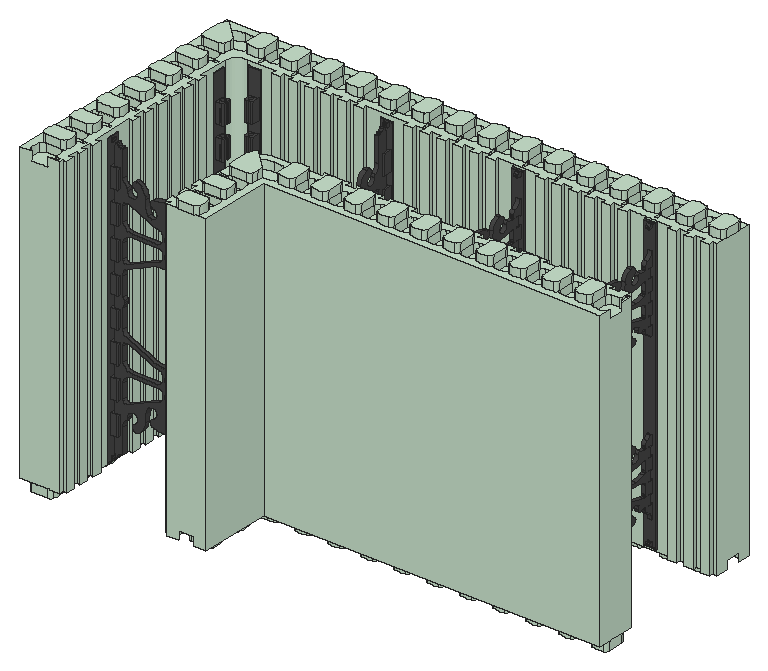
Revit family (continued)
Definition of nested family "NUDURA Diamond Pattern Missing Two lines"
  Lines and regions (mm)
    model lines
      curve 16: line (96.953, -142.875, 452.165) -> (87.428, -142.875, 442.64)
      curve 17: arc (93.906, -142.875, 415.508) -> (95.394, -142.875, 419.1) -> (93.906, -142.875, 422.692) r 5.08
      curve 18: line (117.704, -142.875, 406.785) -> (108.981, -142.875, 415.508)
      curve 19: arc (117.704, -142.875, 393.315) -> (120.494, -142.875, 400.05) -> (117.704, -142.875, 406.785) r 9.525
      curve 20: line (108.981, -142.875, 384.592) -> (117.704, -142.875, 393.315)
      curve 21: line (85.183, -142.875, 393.315) -> (93.906, -142.875, 384.592)
      curve 22: arc (85.183, -142.875, 406.785) -> (82.394, -142.875, 400.05) -> (85.183, -142.875, 393.315) r 9.525
      curve 23: line (93.906, -142.875, 415.508) -> (85.183, -142.875, 406.785)
      curve 24: arc (105.934, -142.875, 414.065) -> (101.444, -142.875, 415.925) -> (96.953, -142.875, 414.065) r 6.35
      curve 25: line (96.953, -142.875, 414.065) -> (87.428, -142.875, 404.54)
      curve 26: arc (87.428, -142.875, 404.54) -> (85.569, -142.875, 400.05) -> (87.428, -142.875, 395.56) r 6.35
      curve 27: line (87.428, -142.875, 395.56) -> (96.953, -142.875, 386.035)
      curve 28: arc (96.953, -142.875, 386.035) -> (101.444, -142.875, 384.175) -> (105.934, -142.875, 386.035) r 6.35
      curve 29: line (105.934, -142.875, 386.035) -> (115.459, -142.875, 395.56)
      curve 30: arc (115.459, -142.875, 395.56) -> (117.319, -142.875, 400.05) -> (115.459, -142.875, 404.54) r 6.35
      curve 31: line (115.459, -142.875, 404.54) -> (105.934, -142.875, 414.065)
      curve 32: arc (93.906, -142.875, 377.408) -> (95.394, -142.875, 381) -> (93.906, -142.875, 384.592) r 5.08
      curve 33: line (117.704, -142.875, 368.685) -> (108.981, -142.875, 377.408)
      curve 34: arc (117.704, -142.875, 355.215) -> (120.494, -142.875, 361.95) -> (117.704, -142.875, 368.685) r 9.525
      curve 35: line (108.981, -142.875, 346.492) -> (117.704, -142.875, 355.215)
      curve 36: line (85.183, -142.875, 355.215) -> (93.906, -142.875, 346.492)
      curve 37: arc (85.183, -142.875, 368.685) -> (82.394, -142.875, 361.95) -> (85.183, -142.875, 355.215) r 9.525
      curve 38: line (93.906, -142.875, 377.408) -> (85.183, -142.875, 368.685)
      curve 39: arc (105.934, -142.875, 375.965) -> (101.444, -142.875, 377.825) -> (96.953, -142.875, 375.965) r 6.35
      curve 40: line (96.953, -142.875, 375.965) -> (87.428, -142.875, 366.44)
      curve 41: arc (87.428, -142.875, 366.44) -> (85.569, -142.875, 361.95) -> (87.428, -142.875, 357.46) r 6.35
      curve 42: line (87.428, -142.875, 357.46) -> (96.953, -142.875, 347.935)
      curve 43: arc (96.953, -142.875, 347.935) -> (101.444, -142.875, 346.075) -> (105.934, -142.875, 347.935) r 6.35
      curve 44: line (105.934, -142.875, 347.935) -> (115.459, -142.875, 357.46)
      curve 45: arc (115.459, -142.875, 357.46) -> (117.319, -142.875, 361.95) -> (115.459, -142.875, 366.44) r 6.35
      curve 46: line (115.459, -142.875, 366.44) -> (105.934, -142.875, 375.965)
      curve 47: arc (93.906, -142.875, 339.308) -> (95.394, -142.875, 342.9) -> (93.906, -142.875, 346.492) r 5.08
      curve 48: line (117.704, -142.875, 330.585) -> (108.981, -142.875, 339.308)
      curve 49: arc (117.704, -142.875, 317.115) -> (120.494, -142.875, 323.85) -> (117.704, -142.875, 330.585) r 9.525
      curve 50: line (108.981, -142.875, 308.392) -> (117.704, -142.875, 317.115)
      curve 51: line (85.183, -142.875, 317.115) -> (93.906, -142.875, 308.392)
      curve 52: arc (85.183, -142.875, 330.585) -> (82.394, -142.875, 323.85) -> (85.183, -142.875, 317.115) r 9.525
      curve 53: line (93.906, -142.875, 339.308) -> (85.183, -142.875, 330.585)
      curve 54: arc (105.934, -142.875, 337.865) -> (101.444, -142.875, 339.725) -> (96.953, -142.875, 337.865) r 6.35
      curve 55: line (96.953, -142.875, 337.865) -> (87.428, -142.875, 328.34)
      curve 56: arc (87.428, -142.875, 328.34) -> (85.569, -142.875, 323.85) -> (87.428, -142.875, 319.36) r 6.35
      curve 57: line (87.428, -142.875, 319.36) -> (96.953, -142.875, 309.835)
      curve 58: arc (96.953, -142.875, 309.835) -> (101.444, -142.875, 307.975) -> (105.934, -142.875, 309.835) r 6.35
      curve 59: line (105.934, -142.875, 309.835) -> (115.459, -142.875, 319.36)
      curve 60: arc (115.459, -142.875, 319.36) -> (117.319, -142.875, 323.85) -> (115.459, -142.875, 328.34) r 6.35
      curve 61: line (115.459, -142.875, 328.34) -> (105.934, -142.875, 337.865)
      curve 62: arc (93.906, -142.875, 301.208) -> (95.394, -142.875, 304.8) -> (93.906, -142.875, 308.392) r 5.08
      curve 63: line (117.704, -142.875, 292.485) -> (108.981, -142.875, 301.208)
      curve 64: arc (117.704, -142.875, 279.015) -> (120.494, -142.875, 285.75) -> (117.704, -142.875, 292.485) r 9.525
      curve 65: line (108.981, -142.875, 270.292) -> (117.704, -142.875, 279.015)
      curve 66: line (85.183, -142.875, 279.015) -> (93.906, -142.875, 270.292)
      curve 67: arc (85.183, -142.875, 292.485) -> (82.394, -142.875, 285.75) -> (85.183, -142.875, 279.015) r 9.525
      curve 68: line (93.906, -142.875, 301.208) -> (85.183, -142.875, 292.485)
      curve 69: arc (105.934, -142.875, 299.765) -> (101.444, -142.875, 301.625) -> (96.953, -142.875, 299.765) r 6.35
      curve 70: line (96.953, -142.875, 299.765) -> (87.428, -142.875, 290.24)
      curve 71: arc (87.428, -142.875, 290.24) -> (85.569, -142.875, 285.75) -> (87.428, -142.875, 281.26) r 6.35
      curve 72: line (87.428, -142.875, 281.26) -> (96.953, -142.875, 271.735)
      curve 73: arc (96.953, -142.875, 271.735) -> (101.444, -142.875, 269.875) -> (105.934, -142.875, 271.735) r 6.35
      curve 74: line (105.934, -142.875, 271.735) -> (115.459, -142.875, 281.26)
      curve 75: arc (115.459, -142.875, 281.26) -> (117.319, -142.875, 285.75) -> (115.459, -142.875, 290.24) r 6.35
      curve 76: line (115.459, -142.875, 290.24) -> (105.934, -142.875, 299.765)
      curve 77: arc (93.906, -142.875, 263.108) -> (95.394, -142.875, 266.7) -> (93.906, -142.875, 270.292) r 5.08
      curve 78: line (117.704, -142.875, 254.385) -> (108.981, -142.875, 263.108)
      curve 79: arc (117.704, -142.875, 240.915) -> (120.494, -142.875, 247.65) -> (117.704, -142.875, 254.385) r 9.525
      curve 80: line (108.981, -142.875, 232.192) -> (117.704, -142.875, 240.915)
      curve 81: line (85.183, -142.875, 240.915) -> (93.906, -142.875, 232.192)
      curve 82: arc (85.183, -142.875, 254.385) -> (82.394, -142.875, 247.65) -> (85.183, -142.875, 240.915) r 9.525
      curve 83: line (93.906, -142.875, 263.108) -> (85.183, -142.875, 254.385)
      curve 84: arc (105.934, -142.875, 261.665) -> (101.444, -142.875, 263.525) -> (96.953, -142.875, 261.665) r 6.35
      curve 85: line (96.953, -142.875, 261.665) -> (87.428, -142.875, 252.14)
      curve 86: arc (87.428, -142.875, 252.14) -> (85.569, -142.875, 247.65) -> (87.428, -142.875, 243.16) r 6.35
      curve 87: line (87.428, -142.875, 243.16) -> (96.953, -142.875, 233.635)
      curve 88: arc (96.953, -142.875, 233.635) -> (101.444, -142.875, 231.775) -> (105.934, -142.875, 233.635) r 6.35
      curve 89: line (105.934, -142.875, 233.635) -> (115.459, -142.875, 243.16)
      curve 90: arc (115.459, -142.875, 243.16) -> (117.319, -142.875, 247.65) -> (115.459, -142.875, 252.14) r 6.35
      curve 91: line (115.459, -142.875, 252.14) -> (105.934, -142.875, 261.665)
      curve 92: arc (93.906, -142.875, 225.008) -> (95.394, -142.875, 228.6) -> (93.906, -142.875, 232.192) r 5.08
      curve 93: line (117.704, -142.875, 216.285) -> (108.981, -142.875, 225.008)
      curve 94: arc (117.704, -142.875, 202.815) -> (120.494, -142.875, 209.55) -> (117.704, -142.875, 216.285) r 9.525
      curve 95: line (108.981, -142.875, 194.092) -> (117.704, -142.875, 202.815)
      curve 96: line (85.183, -142.875, 202.815) -> (93.906, -142.875, 194.092)
      curve 97: arc (85.183, -142.875, 216.285) -> (82.394, -142.875, 209.55) -> (85.183, -142.875, 202.815) r 9.525
      curve 98: line (93.906, -142.875, 225.008) -> (85.183, -142.875, 216.285)
      curve 99: arc (105.934, -142.875, 223.565) -> (101.444, -142.875, 225.425) -> (96.953, -142.875, 223.565) r 6.35
      curve 100: line (96.953, -142.875, 223.565) -> (87.428, -142.875, 214.04)
      curve 101: arc (87.428, -142.875, 214.04) -> (85.569, -142.875, 209.55) -> (87.428, -142.875, 205.06) r 6.35
      curve 102: line (87.428, -142.875, 205.06) -> (96.953, -142.875, 195.535)
      curve 103: arc (96.953, -142.875, 195.535) -> (101.444, -142.875, 193.675) -> (105.934, -142.875, 195.535) r 6.35
      curve 104: line (105.934, -142.875, 195.535) -> (115.459, -142.875, 205.06)
      curve 105: arc (115.459, -142.875, 205.06) -> (117.319, -142.875, 209.55) -> (115.459, -142.875, 214.04) r 6.35
      curve 106: line (115.459, -142.875, 214.04) -> (105.934, -142.875, 223.565)
      curve 107: arc (93.906, -142.875, 186.908) -> (95.394, -142.875, 190.5) -> (93.906, -142.875, 194.092) r 5.08
      curve 108: line (117.704, -142.875, 178.185) -> (108.981, -142.875, 186.908)
      curve 109: arc (117.704, -142.875, 164.715) -> (120.494, -142.875, 171.45) -> (117.704, -142.875, 178.185) r 9.525
      curve 110: line (108.981, -142.875, 155.992) -> (117.704, -142.875, 164.715)
      curve 111: line (85.183, -142.875, 164.715) -> (93.906, -142.875, 155.992)
      curve 112: arc (85.183, -142.875, 178.185) -> (82.394, -142.875, 171.45) -> (85.183, -142.875, 164.715) r 9.525
      curve 113: line (93.906, -142.875, 186.908) -> (85.183, -142.875, 178.185)
      curve 114: arc (105.934, -142.875, 185.465) -> (101.444, -142.875, 187.325) -> (96.953, -142.875, 185.465) r 6.35
      curve 115: line (96.953, -142.875, 185.465) -> (87.428, -142.875, 175.94)
      curve 116: arc (87.428, -142.875, 175.94) -> (85.569, -142.875, 171.45) -> (87.428, -142.875, 166.96) r 6.35
      curve 117: line (87.428, -142.875, 166.96) -> (96.953, -142.875, 157.435)
      curve 118: arc (96.953, -142.875, 157.435) -> (101.444, -142.875, 155.575) -> (105.934, -142.875, 157.435) r 6.35
      curve 119: line (105.934, -142.875, 157.435) -> (115.459, -142.875, 166.96)
      curve 120: arc (115.459, -142.875, 166.96) -> (117.319, -142.875, 171.45) -> (115.459, -142.875, 175.94) r 6.35
      curve 121: line (115.459, -142.875, 175.94) -> (105.934, -142.875, 185.465)
      curve 122: arc (93.906, -142.875, 148.808) -> (95.394, -142.875, 152.4) -> (93.906, -142.875, 155.992) r 5.08
      curve 123: line (117.704, -142.875, 140.085) -> (108.981, -142.875, 148.808)
      curve 124: arc (117.704, -142.875, 126.615) -> (120.494, -142.875, 133.35) -> (117.704, -142.875, 140.085) r 9.525
      curve 125: line (108.981, -142.875, 117.892) -> (117.704, -142.875, 126.615)
      curve 126: line (85.183, -142.875, 126.615) -> (93.906, -142.875, 117.892)
      curve 127: arc (85.183, -142.875, 140.085) -> (82.394, -142.875, 133.35) -> (85.183, -142.875, 126.615) r 9.525
      curve 128: line (93.906, -142.875, 148.808) -> (85.183, -142.875, 140.085)
      curve 129: arc (105.934, -142.875, 147.365) -> (101.444, -142.875, 149.225) -> (96.953, -142.875, 147.365) r 6.35
      curve 130: line (96.953, -142.875, 147.365) -> (87.428, -142.875, 137.84)
      curve 131: arc (87.428, -142.875, 137.84) -> (85.569, -142.875, 133.35) -> (87.428, -142.875, 128.86) r 6.35
      curve 132: line (87.428, -142.875, 128.86) -> (96.953, -142.875, 119.335)
      curve 133: arc (96.953, -142.875, 119.335) -> (101.444, -142.875, 117.475) -> (105.934, -142.875, 119.335) r 6.35
      curve 134: line (105.934, -142.875, 119.335) -> (115.459, -142.875, 128.86)
      curve 135: arc (115.459, -142.875, 128.86) -> (117.319, -142.875, 133.35) -> (115.459, -142.875, 137.84) r 6.35
      curve 136: line (115.459, -142.875, 137.84) -> (105.934, -142.875, 147.365)
      curve 137: arc (93.906, -142.875, 110.708) -> (95.394, -142.875, 114.3) -> (93.906, -142.875, 117.892) r 5.08
      curve 138: line (117.704, -142.875, 101.985) -> (108.981, -142.875, 110.708)
      curve 139: arc (117.704, -142.875, 88.515) -> (120.494, -142.875, 95.25) -> (117.704, -142.875, 101.985) r 9.525
      curve 140: line (108.981, -142.875, 79.792) -> (117.704, -142.875, 88.515)
      curve 141: line (85.183, -142.875, 88.515) -> (93.906, -142.875, 79.792)
      curve 142: arc (85.183, -142.875, 101.985) -> (82.394, -142.875, 95.25) -> (85.183, -142.875, 88.515) r 9.525
      curve 143: line (93.906, -142.875, 110.708) -> (85.183, -142.875, 101.985)
      curve 144: arc (105.934, -142.875, 109.265) -> (101.444, -142.875, 111.125) -> (96.953, -142.875, 109.265) r 6.35
      curve 145: line (96.953, -142.875, 109.265) -> (87.428, -142.875, 99.74)
      curve 146: arc (87.428, -142.875, 99.74) -> (85.569, -142.875, 95.25) -> (87.428, -142.875, 90.76) r 6.35
      curve 147: line (87.428, -142.875, 90.76) -> (96.953, -142.875, 81.235)
      curve 148: arc (96.953, -142.875, 81.235) -> (101.444, -142.875, 79.375) -> (105.934, -142.875, 81.235) r 6.35
      curve 149: line (105.934, -142.875, 81.235) -> (115.459, -142.875, 90.76)
      curve 150: arc (115.459, -142.875, 90.76) -> (117.319, -142.875, 95.25) -> (115.459, -142.875, 99.74) r 6.35
      curve 151: line (115.459, -142.875, 99.74) -> (105.934, -142.875, 109.265)
      curve 152: arc (93.906, -142.875, 72.608) -> (95.394, -142.875, 76.2) -> (93.906, -142.875, 79.792) r 5.08
      curve 153: line (117.704, -142.875, 63.885) -> (108.981, -142.875, 72.608)
      curve 154: arc (117.704, -142.875, 50.415) -> (120.494, -142.875, 57.15) -> (117.704, -142.875, 63.885) r 9.525
      curve 155: line (108.981, -142.875, 41.692) -> (117.704, -142.875, 50.415)
      curve 156: line (85.183, -142.875, 50.415) -> (93.906, -142.875, 41.692)
      curve 157: arc (85.183, -142.875, 63.885) -> (82.394, -142.875, 57.15) -> (85.183, -142.875, 50.415) r 9.525
      curve 158: line (93.906, -142.875, 72.608) -> (85.183, -142.875, 63.885)
      curve 159: arc (105.934, -142.875, 71.165) -> (101.444, -142.875, 73.025) -> (96.953, -142.875, 71.165) r 6.35
      curve 160: line (96.953, -142.875, 71.165) -> (87.428, -142.875, 61.64)
      curve 161: arc (87.428, -142.875, 61.64) -> (85.569, -142.875, 57.15) -> (87.428, -142.875, 52.66) r 6.35
      curve 162: line (87.428, -142.875, 52.66) -> (96.953, -142.875, 43.135)
      curve 163: arc (96.953, -142.875, 43.135) -> (101.444, -142.875, 41.275) -> (105.934, -142.875, 43.135) r 6.35
      curve 164: line (105.934, -142.875, 43.135) -> (115.459, -142.875, 52.66)
      curve 165: arc (115.459, -142.875, 52.66) -> (117.319, -142.875, 57.15) -> (115.459, -142.875, 61.64) r 6.35
      curve 166: line (115.459, -142.875, 61.64) -> (105.934, -142.875, 71.165)
      curve 167: arc (93.906, -142.875, 34.508) -> (95.394, -142.875, 38.1) -> (93.906, -142.875, 41.692) r 5.08
      curve 168: line (93.906, -142.875, 34.508) -> (85.183, -142.875, 25.785)
      curve 169: arc (85.183, -142.875, 25.785) -> (82.394, -142.875, 19.05) -> (85.183, -142.875, 12.315) r 9.525
      curve 170: line (85.183, -142.875, 12.315) -> (94.708, -142.875, 2.79)
      curve 171: arc (94.708, -142.875, 2.79) -> (101.444, -142.875, 0) -> (108.179, -142.875, 2.79) r 9.525
      curve 172: line (108.179, -142.875, 2.79) -> (117.704, -142.875, 12.315)
      curve 173: arc (117.704, -142.875, 12.315) -> (120.494, -142.875, 19.05) -> (117.704, -142.875, 25.785) r 9.525
      curve 174: line (117.704, -142.875, 25.785) -> (108.981, -142.875, 34.508)
      curve 175: arc (108.981, -142.875, 41.692) -> (107.493, -142.875, 38.1) -> (108.981, -142.875, 34.508) r 5.08
      curve 176: arc (105.934, -142.875, 33.065) -> (101.444, -142.875, 34.925) -> (96.953, -142.875, 33.065) r 6.35
      curve 177: line (115.459, -142.875, 23.54) -> (105.934, -142.875, 33.065)
      curve 178: arc (115.459, -142.875, 14.56) -> (117.319, -142.875, 19.05) -> (115.459, -142.875, 23.54) r 6.35
      curve 179: line (105.934, -142.875, 5.035) -> (115.459, -142.875, 14.56)
      curve 180: arc (96.953, -142.875, 5.035) -> (101.444, -142.875, 3.175) -> (105.934, -142.875, 5.035) r 6.35
      curve 181: line (87.428, -142.875, 14.56) -> (96.953, -142.875, 5.035)
      curve 182: arc (87.428, -142.875, 23.54) -> (85.569, -142.875, 19.05) -> (87.428, -142.875, 14.56) r 6.35
      curve 183: line (96.953, -142.875, 33.065) -> (87.428, -142.875, 23.54)
      curve 184: arc (108.981, -142.875, 79.792) -> (107.493, -142.875, 76.2) -> (108.981, -142.875, 72.608) r 5.08
      curve 185: arc (108.981, -142.875, 117.892) -> (107.493, -142.875, 114.3) -> (108.981, -142.875, 110.708) r 5.08
      curve 186: arc (108.981, -142.875, 155.992) -> (107.493, -142.875, 152.4) -> (108.981, -142.875, 148.808) r 5.08
      curve 187: arc (108.981, -142.875, 194.092) -> (107.493, -142.875, 190.5) -> (108.981, -142.875, 186.908) r 5.08
      curve 188: arc (108.981, -142.875, 232.192) -> (107.493, -142.875, 228.6) -> (108.981, -142.875, 225.008) r 5.08
      curve 189: arc (108.981, -142.875, 270.292) -> (107.493, -142.875, 266.7) -> (108.981, -142.875, 263.108) r 5.08
      curve 190: arc (108.981, -142.875, 308.392) -> (107.493, -142.875, 304.8) -> (108.981, -142.875, 301.208) r 5.08
      curve 191: arc (108.981, -142.875, 346.492) -> (107.493, -142.875, 342.9) -> (108.981, -142.875, 339.308) r 5.08
      curve 192: arc (108.981, -142.875, 384.592) -> (107.493, -142.875, 381) -> (108.981, -142.875, 377.408) r 5.08
      curve 193: arc (108.981, -142.875, 422.692) -> (107.493, -142.875, 419.1) -> (108.981, -142.875, 415.508) r 5.08
Definition of nested family "NUDURA Diamond Pattern Missing Left Line"
  Reference planes
    plane 1 "Center (Front/Back)": y = 0
    plane 2: z = 0
    plane 3 "Center (Left/Right)": x = 0
    plane 4: z = 457.2
  Lines and regions (mm)
    model lines
      curve 1: line (203.2, -142.875, 457.2) -> (203.2, -142.875, 0)
      curve 2: line (152.4, -142.875, 457.2) -> (152.4, -142.875, 0)
      curve 3: line (85.183, -142.875, 431.415) -> (93.906, -142.875, 422.692)
      curve 4: arc (85.183, -142.875, 444.885) -> (82.394, -142.875, 438.15) -> (85.183, -142.875, 431.415) r 9.525
      curve 5: line (94.708, -142.875, 454.41) -> (85.183, -142.875, 444.885)
      curve 6: arc (108.179, -142.875, 454.41) -> (101.444, -142.875, 457.2) -> (94.708, -142.875, 454.41) r 9.525
      curve 7: line (117.704, -142.875, 444.885) -> (108.179, -142.875, 454.41)
      curve 8: arc (117.704, -142.875, 431.415) -> (120.494, -142.875, 438.15) -> (117.704, -142.875, 444.885) r 9.525
      curve 9: line (108.981, -142.875, 422.692) -> (117.704, -142.875, 431.415)
      curve 10: arc (105.934, -142.875, 452.165) -> (101.444, -142.875, 454.025) -> (96.953, -142.875, 452.165) r 6.35
      curve 11: line (115.459, -142.875, 442.64) -> (105.934, -142.875, 452.165)
      curve 12: arc (115.459, -142.875, 433.66) -> (117.319, -142.875, 438.15) -> (115.459, -142.875, 442.64) r 6.35
      curve 13: line (105.934, -142.875, 424.135) -> (115.459, -142.875, 433.66)
      curve 14: arc (96.953, -142.875, 424.135) -> (101.444, -142.875, 422.275) -> (105.934, -142.875, 424.135) r 6.35
      curve 15: line (87.428, -142.875, 433.66) -> (96.953, -142.875, 424.135)
      curve 16: arc (87.428, -142.875, 442.64) -> (85.569, -142.875, 438.15) -> (87.428, -142.875, 433.66) r 6.35
      curve 17: line (96.953, -142.875, 452.165) -> (87.428, -142.875, 442.64)
      curve 18: arc (93.906, -142.875, 415.508) -> (95.394, -142.875, 419.1) -> (93.906, -142.875, 422.692) r 5.08
      curve 19: line (117.704, -142.875, 406.785) -> (108.981, -142.875, 415.508)
      curve 20: arc (117.704, -142.875, 393.315) -> (120.494, -142.875, 400.05) -> (117.704, -142.875, 406.785) r 9.525
      curve 21: line (108.981, -142.875, 384.592) -> (117.704, -142.875, 393.315)
      curve 22: line (85.183, -142.875, 393.315) -> (93.906, -142.875, 384.592)
      curve 23: arc (85.183, -142.875, 406.785) -> (82.394, -142.875, 400.05) -> (85.183, -142.875, 393.315) r 9.525
      curve 24: line (93.906, -142.875, 415.508) -> (85.183, -142.875, 406.785)
      curve 25: arc (105.934, -142.875, 414.065) -> (101.444, -142.875, 415.925) -> (96.953, -142.875, 414.065) r 6.35
      curve 26: line (96.953, -142.875, 414.065) -> (87.428, -142.875, 404.54)
      curve 27: arc (87.428, -142.875, 404.54) -> (85.569, -142.875, 400.05) -> (87.428, -142.875, 395.56) r 6.35
      curve 28: line (87.428, -142.875, 395.56) -> (96.953, -142.875, 386.035)
      curve 29: arc (96.953, -142.875, 386.035) -> (101.444, -142.875, 384.175) -> (105.934, -142.875, 386.035) r 6.35
      curve 30: line (105.934, -142.875, 386.035) -> (115.459, -142.875, 395.56)
      curve 31: arc (115.459, -142.875, 395.56) -> (117.319, -142.875, 400.05) -> (115.459, -142.875, 404.54) r 6.35
      curve 32: line (115.459, -142.875, 404.54) -> (105.934, -142.875, 414.065)
      curve 33: arc (93.906, -142.875, 377.408) -> (95.394, -142.875, 381) -> (93.906, -142.875, 384.592) r 5.08
      curve 34: line (117.704, -142.875, 368.685) -> (108.981, -142.875, 377.408)
      curve 35: arc (117.704, -142.875, 355.215) -> (120.494, -142.875, 361.95) -> (117.704, -142.875, 368.685) r 9.525
      curve 36: line (108.981, -142.875, 346.492) -> (117.704, -142.875, 355.215)
      curve 37: line (85.183, -142.875, 355.215) -> (93.906, -142.875, 346.492)
      curve 38: arc (85.183, -142.875, 368.685) -> (82.394, -142.875, 361.95) -> (85.183, -142.875, 355.215) r 9.525
      curve 39: line (93.906, -142.875, 377.408) -> (85.183, -142.875, 368.685)
      curve 40: arc (105.934, -142.875, 375.965) -> (101.444, -142.875, 377.825) -> (96.953, -142.875, 375.965) r 6.35
      curve 41: line (96.953, -142.875, 375.965) -> (87.428, -142.875, 366.44)
      curve 42: arc (87.428, -142.875, 366.44) -> (85.569, -142.875, 361.95) -> (87.428, -142.875, 357.46) r 6.35
      curve 43: line (87.428, -142.875, 357.46) -> (96.953, -142.875, 347.935)
      curve 44: arc (96.953, -142.875, 347.935) -> (101.444, -142.875, 346.075) -> (105.934, -142.875, 347.935) r 6.35
      curve 45: line (105.934, -142.875, 347.935) -> (115.459, -142.875, 357.46)
      curve 46: arc (115.459, -142.875, 357.46) -> (117.319, -142.875, 361.95) -> (115.459, -142.875, 366.44) r 6.35
      curve 47: line (115.459, -142.875, 366.44) -> (105.934, -142.875, 375.965)
      curve 48: arc (93.906, -142.875, 339.308) -> (95.394, -142.875, 342.9) -> (93.906, -142.875, 346.492) r 5.08
      curve 49: line (117.704, -142.875, 330.585) -> (108.981, -142.875, 339.308)
      curve 50: arc (117.704, -142.875, 317.115) -> (120.494, -142.875, 323.85) -> (117.704, -142.875, 330.585) r 9.525
      curve 51: line (108.981, -142.875, 308.392) -> (117.704, -142.875, 317.115)
      curve 52: line (85.183, -142.875, 317.115) -> (93.906, -142.875, 308.392)
      curve 53: arc (85.183, -142.875, 330.585) -> (82.394, -142.875, 323.85) -> (85.183, -142.875, 317.115) r 9.525
      curve 54: line (93.906, -142.875, 339.308) -> (85.183, -142.875, 330.585)
      curve 55: arc (105.934, -142.875, 337.865) -> (101.444, -142.875, 339.725) -> (96.953, -142.875, 337.865) r 6.35
      curve 56: line (96.953, -142.875, 337.865) -> (87.428, -142.875, 328.34)
      curve 57: arc (87.428, -142.875, 328.34) -> (85.569, -142.875, 323.85) -> (87.428, -142.875, 319.36) r 6.35
      curve 58: line (87.428, -142.875, 319.36) -> (96.953, -142.875, 309.835)
      curve 59: arc (96.953, -142.875, 309.835) -> (101.444, -142.875, 307.975) -> (105.934, -142.875, 309.835) r 6.35
      curve 60: line (105.934, -142.875, 309.835) -> (115.459, -142.875, 319.36)
      curve 61: arc (115.459, -142.875, 319.36) -> (117.319, -142.875, 323.85) -> (115.459, -142.875, 328.34) r 6.35
      curve 62: line (115.459, -142.875, 328.34) -> (105.934, -142.875, 337.865)
      curve 63: arc (93.906, -142.875, 301.208) -> (95.394, -142.875, 304.8) -> (93.906, -142.875, 308.392) r 5.08
      curve 64: line (117.704, -142.875, 292.485) -> (108.981, -142.875, 301.208)
      curve 65: arc (117.704, -142.875, 279.015) -> (120.494, -142.875, 285.75) -> (117.704, -142.875, 292.485) r 9.525
      curve 66: line (108.981, -142.875, 270.292) -> (117.704, -142.875, 279.015)
      curve 67: line (85.183, -142.875, 279.015) -> (93.906, -142.875, 270.292)
      curve 68: arc (85.183, -142.875, 292.485) -> (82.394, -142.875, 285.75) -> (85.183, -142.875, 279.015) r 9.525
      curve 69: line (93.906, -142.875, 301.208) -> (85.183, -142.875, 292.485)
      curve 70: arc (105.934, -142.875, 299.765) -> (101.444, -142.875, 301.625) -> (96.953, -142.875, 299.765) r 6.35
      curve 71: line (96.953, -142.875, 299.765) -> (87.428, -142.875, 290.24)
      curve 72: arc (87.428, -142.875, 290.24) -> (85.569, -142.875, 285.75) -> (87.428, -142.875, 281.26) r 6.35
      curve 73: line (87.428, -142.875, 281.26) -> (96.953, -142.875, 271.735)
      curve 74: arc (96.953, -142.875, 271.735) -> (101.444, -142.875, 269.875) -> (105.934, -142.875, 271.735) r 6.35
      curve 75: line (105.934, -142.875, 271.735) -> (115.459, -142.875, 281.26)
      curve 76: arc (115.459, -142.875, 281.26) -> (117.319, -142.875, 285.75) -> (115.459, -142.875, 290.24) r 6.35
      curve 77: line (115.459, -142.875, 290.24) -> (105.934, -142.875, 299.765)
      curve 78: arc (93.906, -142.875, 263.108) -> (95.394, -142.875, 266.7) -> (93.906, -142.875, 270.292) r 5.08
      curve 79: line (117.704, -142.875, 254.385) -> (108.981, -142.875, 263.108)
      curve 80: arc (117.704, -142.875, 240.915) -> (120.494, -142.875, 247.65) -> (117.704, -142.875, 254.385) r 9.525
      curve 81: line (108.981, -142.875, 232.192) -> (117.704, -142.875, 240.915)
      curve 82: line (85.183, -142.875, 240.915) -> (93.906, -142.875, 232.192)
      curve 83: arc (85.183, -142.875, 254.385) -> (82.394, -142.875, 247.65) -> (85.183, -142.875, 240.915) r 9.525
      curve 84: line (93.906, -142.875, 263.108) -> (85.183, -142.875, 254.385)
      curve 85: arc (105.934, -142.875, 261.665) -> (101.444, -142.875, 263.525) -> (96.953, -142.875, 261.665) r 6.35
      curve 86: line (96.953, -142.875, 261.665) -> (87.428, -142.875, 252.14)
      curve 87: arc (87.428, -142.875, 252.14) -> (85.569, -142.875, 247.65) -> (87.428, -142.875, 243.16) r 6.35
      curve 88: line (87.428, -142.875, 243.16) -> (96.953, -142.875, 233.635)
      curve 89: arc (96.953, -142.875, 233.635) -> (101.444, -142.875, 231.775) -> (105.934, -142.875, 233.635) r 6.35
      curve 90: line (105.934, -142.875, 233.635) -> (115.459, -142.875, 243.16)
      curve 91: arc (115.459, -142.875, 243.16) -> (117.319, -142.875, 247.65) -> (115.459, -142.875, 252.14) r 6.35
      curve 92: line (115.459, -142.875, 252.14) -> (105.934, -142.875, 261.665)
      curve 93: arc (93.906, -142.875, 225.008) -> (95.394, -142.875, 228.6) -> (93.906, -142.875, 232.192) r 5.08
      curve 94: line (117.704, -142.875, 216.285) -> (108.981, -142.875, 225.008)
      curve 95: arc (117.704, -142.875, 202.815) -> (120.494, -142.875, 209.55) -> (117.704, -142.875, 216.285) r 9.525
      curve 96: line (108.981, -142.875, 194.092) -> (117.704, -142.875, 202.815)
      curve 97: line (85.183, -142.875, 202.815) -> (93.906, -142.875, 194.092)
      curve 98: arc (85.183, -142.875, 216.285) -> (82.394, -142.875, 209.55) -> (85.183, -142.875, 202.815) r 9.525
      curve 99: line (93.906, -142.875, 225.008) -> (85.183, -142.875, 216.285)
      curve 100: arc (105.934, -142.875, 223.565) -> (101.444, -142.875, 225.425) -> (96.953, -142.875, 223.565) r 6.35
      curve 101: line (96.953, -142.875, 223.565) -> (87.428, -142.875, 214.04)
      curve 102: arc (87.428, -142.875, 214.04) -> (85.569, -142.875, 209.55) -> (87.428, -142.875, 205.06) r 6.35
      curve 103: line (87.428, -142.875, 205.06) -> (96.953, -142.875, 195.535)
      curve 104: arc (96.953, -142.875, 195.535) -> (101.444, -142.875, 193.675) -> (105.934, -142.875, 195.535) r 6.35
      curve 105: line (105.934, -142.875, 195.535) -> (115.459, -142.875, 205.06)
      curve 106: arc (115.459, -142.875, 205.06) -> (117.319, -142.875, 209.55) -> (115.459, -142.875, 214.04) r 6.35
      curve 107: line (115.459, -142.875, 214.04) -> (105.934, -142.875, 223.565)
      curve 108: arc (93.906, -142.875, 186.908) -> (95.394, -142.875, 190.5) -> (93.906, -142.875, 194.092) r 5.08
      curve 109: line (117.704, -142.875, 178.185) -> (108.981, -142.875, 186.908)
      curve 110: arc (117.704, -142.875, 164.715) -> (120.494, -142.875, 171.45) -> (117.704, -142.875, 178.185) r 9.525
      curve 111: line (108.981, -142.875, 155.992) -> (117.704, -142.875, 164.715)
      curve 112: line (85.183, -142.875, 164.715) -> (93.906, -142.875, 155.992)
      curve 113: arc (85.183, -142.875, 178.185) -> (82.394, -142.875, 171.45) -> (85.183, -142.875, 164.715) r 9.525
      curve 114: line (93.906, -142.875, 186.908) -> (85.183, -142.875, 178.185)
      curve 115: arc (105.934, -142.875, 185.465) -> (101.444, -142.875, 187.325) -> (96.953, -142.875, 185.465) r 6.35
      curve 116: line (96.953, -142.875, 185.465) -> (87.428, -142.875, 175.94)
      curve 117: arc (87.428, -142.875, 175.94) -> (85.569, -142.875, 171.45) -> (87.428, -142.875, 166.96) r 6.35
      curve 118: line (87.428, -142.875, 166.96) -> (96.953, -142.875, 157.435)
      curve 119: arc (96.953, -142.875, 157.435) -> (101.444, -142.875, 155.575) -> (105.934, -142.875, 157.435) r 6.35
      curve 120: line (105.934, -142.875, 157.435) -> (115.459, -142.875, 166.96)
      curve 121: arc (115.459, -142.875, 166.96) -> (117.319, -142.875, 171.45) -> (115.459, -142.875, 175.94) r 6.35
      curve 122: line (115.459, -142.875, 175.94) -> (105.934, -142.875, 185.465)
      curve 123: arc (93.906, -142.875, 148.808) -> (95.394, -142.875, 152.4) -> (93.906, -142.875, 155.992) r 5.08
      curve 124: line (117.704, -142.875, 140.085) -> (108.981, -142.875, 148.808)
      curve 125: arc (117.704, -142.875, 126.615) -> (120.494, -142.875, 133.35) -> (117.704, -142.875, 140.085) r 9.525
      curve 126: line (108.981, -142.875, 117.892) -> (117.704, -142.875, 126.615)
      curve 127: line (85.183, -142.875, 126.615) -> (93.906, -142.875, 117.892)
      curve 128: arc (85.183, -142.875, 140.085) -> (82.394, -142.875, 133.35) -> (85.183, -142.875, 126.615) r 9.525
      curve 129: line (93.906, -142.875, 148.808) -> (85.183, -142.875, 140.085)
      curve 130: arc (105.934, -142.875, 147.365) -> (101.444, -142.875, 149.225) -> (96.953, -142.875, 147.365) r 6.35
      curve 131: line (96.953, -142.875, 147.365) -> (87.428, -142.875, 137.84)
      curve 132: arc (87.428, -142.875, 137.84) -> (85.569, -142.875, 133.35) -> (87.428, -142.875, 128.86) r 6.35
      curve 133: line (87.428, -142.875, 128.86) -> (96.953, -142.875, 119.335)
      curve 134: arc (96.953, -142.875, 119.335) -> (101.444, -142.875, 117.475) -> (105.934, -142.875, 119.335) r 6.35
      curve 135: line (105.934, -142.875, 119.335) -> (115.459, -142.875, 128.86)
      curve 136: arc (115.459, -142.875, 128.86) -> (117.319, -142.875, 133.35) -> (115.459, -142.875, 137.84) r 6.35
      curve 137: line (115.459, -142.875, 137.84) -> (105.934, -142.875, 147.365)
      curve 138: arc (93.906, -142.875, 110.708) -> (95.394, -142.875, 114.3) -> (93.906, -142.875, 117.892) r 5.08
      curve 139: line (117.704, -142.875, 101.985) -> (108.981, -142.875, 110.708)
      curve 140: arc (117.704, -142.875, 88.515) -> (120.494, -142.875, 95.25) -> (117.704, -142.875, 101.985) r 9.525
      curve 141: line (108.981, -142.875, 79.792) -> (117.704, -142.875, 88.515)
      curve 142: line (85.183, -142.875, 88.515) -> (93.906, -142.875, 79.792)
      curve 143: arc (85.183, -142.875, 101.985) -> (82.394, -142.875, 95.25) -> (85.183, -142.875, 88.515) r 9.525
      curve 144: line (93.906, -142.875, 110.708) -> (85.183, -142.875, 101.985)
      curve 145: arc (105.934, -142.875, 109.265) -> (101.444, -142.875, 111.125) -> (96.953, -142.875, 109.265) r 6.35
      curve 146: line (96.953, -142.875, 109.265) -> (87.428, -142.875, 99.74)
      curve 147: arc (87.428, -142.875, 99.74) -> (85.569, -142.875, 95.25) -> (87.428, -142.875, 90.76) r 6.35
      curve 148: line (87.428, -142.875, 90.76) -> (96.953, -142.875, 81.235)
      curve 149: arc (96.953, -142.875, 81.235) -> (101.444, -142.875, 79.375) -> (105.934, -142.875, 81.235) r 6.35
      curve 150: line (105.934, -142.875, 81.235) -> (115.459, -142.875, 90.76)
      curve 151: arc (115.459, -142.875, 90.76) -> (117.319, -142.875, 95.25) -> (115.459, -142.875, 99.74) r 6.35
      curve 152: line (115.459, -142.875, 99.74) -> (105.934, -142.875, 109.265)
      curve 153: arc (93.906, -142.875, 72.608) -> (95.394, -142.875, 76.2) -> (93.906, -142.875, 79.792) r 5.08
      curve 154: line (117.704, -142.875, 63.885) -> (108.981, -142.875, 72.608)
      curve 155: arc (117.704, -142.875, 50.415) -> (120.494, -142.875, 57.15) -> (117.704, -142.875, 63.885) r 9.525
      curve 156: line (108.981, -142.875, 41.692) -> (117.704, -142.875, 50.415)
      curve 157: line (85.183, -142.875, 50.415) -> (93.906, -142.875, 41.692)
      curve 158: arc (85.183, -142.875, 63.885) -> (82.394, -142.875, 57.15) -> (85.183, -142.875, 50.415) r 9.525
      curve 159: line (93.906, -142.875, 72.608) -> (85.183, -142.875, 63.885)
      curve 160: arc (105.934, -142.875, 71.165) -> (101.444, -142.875, 73.025) -> (96.953, -142.875, 71.165) r 6.35
      curve 161: line (96.953, -142.875, 71.165) -> (87.428, -142.875, 61.64)
      curve 162: arc (87.428, -142.875, 61.64) -> (85.569, -142.875, 57.15) -> (87.428, -142.875, 52.66) r 6.35
      curve 163: line (87.428, -142.875, 52.66) -> (96.953, -142.875, 43.135)
      curve 164: arc (96.953, -142.875, 43.135) -> (101.444, -142.875, 41.275) -> (105.934, -142.875, 43.135) r 6.35
      curve 165: line (105.934, -142.875, 43.135) -> (115.459, -142.875, 52.66)
      curve 166: arc (115.459, -142.875, 52.66) -> (117.319, -142.875, 57.15) -> (115.459, -142.875, 61.64) r 6.35
      curve 167: line (115.459, -142.875, 61.64) -> (105.934, -142.875, 71.165)
      curve 168: arc (93.906, -142.875, 34.508) -> (95.394, -142.875, 38.1) -> (93.906, -142.875, 41.692) r 5.08
      curve 169: line (93.906, -142.875, 34.508) -> (85.183, -142.875, 25.785)
      curve 170: arc (85.183, -142.875, 25.785) -> (82.394, -142.875, 19.05) -> (85.183, -142.875, 12.315) r 9.525
      curve 171: line (85.183, -142.875, 12.315) -> (94.708, -142.875, 2.79)
      curve 172: arc (94.708, -142.875, 2.79) -> (101.444, -142.875, 0) -> (108.179, -142.875, 2.79) r 9.525
      curve 173: line (108.179, -142.875, 2.79) -> (117.704, -142.875, 12.315)
      curve 174: arc (117.704, -142.875, 12.315) -> (120.494, -142.875, 19.05) -> (117.704, -142.875, 25.785) r 9.525
      curve 175: line (117.704, -142.875, 25.785) -> (108.981, -142.875, 34.508)
      curve 176: arc (108.981, -142.875, 41.692) -> (107.493, -142.875, 38.1) -> (108.981, -142.875, 34.508) r 5.08
      curve 177: arc (105.934, -142.875, 33.065) -> (101.444, -142.875, 34.925) -> (96.953, -142.875, 33.065) r 6.35
      curve 178: line (115.459, -142.875, 23.54) -> (105.934, -142.875, 33.065)
      curve 179: arc (115.459, -142.875, 14.56) -> (117.319, -142.875, 19.05) -> (115.459, -142.875, 23.54) r 6.35
      curve 180: line (105.934, -142.875, 5.035) -> (115.459, -142.875, 14.56)
      curve 181: arc (96.953, -142.875, 5.035) -> (101.444, -142.875, 3.175) -> (105.934, -142.875, 5.035) r 6.35
      curve 182: line (87.428, -142.875, 14.56) -> (96.953, -142.875, 5.035)
      curve 183: arc (87.428, -142.875, 23.54) -> (85.569, -142.875, 19.05) -> (87.428, -142.875, 14.56) r 6.35
      curve 184: line (96.953, -142.875, 33.065) -> (87.428, -142.875, 23.54)
      curve 185: arc (108.981, -142.875, 79.792) -> (107.493, -142.875, 76.2) -> (108.981, -142.875, 72.608) r 5.08
      curve 186: arc (108.981, -142.875, 117.892) -> (107.493, -142.875, 114.3) -> (108.981, -142.875, 110.708) r 5.08
      curve 187: arc (108.981, -142.875, 155.992) -> (107.493, -142.875, 152.4) -> (108.981, -142.875, 148.808) r 5.08
      curve 188: arc (108.981, -142.875, 194.092) -> (107.493, -142.875, 190.5) -> (108.981, -142.875, 186.908) r 5.08
      curve 189: arc (108.981, -142.875, 232.192) -> (107.493, -142.875, 228.6) -> (108.981, -142.875, 225.008) r 5.08
      curve 190: arc (108.981, -142.875, 270.292) -> (107.493, -142.875, 266.7) -> (108.981, -142.875, 263.108) r 5.08
      curve 191: arc (108.981, -142.875, 308.392) -> (107.493, -142.875, 304.8) -> (108.981, -142.875, 301.208) r 5.08
      curve 192: arc (108.981, -142.875, 346.492) -> (107.493, -142.875, 342.9) -> (108.981, -142.875, 339.308) r 5.08
      curve 193: arc (108.981, -142.875, 384.592) -> (107.493, -142.875, 381) -> (108.981, -142.875, 377.408) r 5.08
      curve 194: arc (108.981, -142.875, 422.692) -> (107.493, -142.875, 419.1) -> (108.981, -142.875, 415.508) r 5.08
Definition of nested family "NUDURA Logo Diamond"
  Reference planes
    plane 1 "Center (Front/Back)": y = 0
    plane 2: z = 0
    plane 3 "Center (Left/Right)": x = 0
  Lines and regions (mm)
    model lines
      curve 1: line (320.001, 0, 444.526) -> (311.021, 0, 453.507)
      curve 2: line (313.973, 0, 425.925) -> (320.001, 0, 431.954)
      curve 3: line (320.001, 0, 406.426) -> (313.973, 0, 412.455)
      curve 4: line (313.973, 0, 387.825) -> (320.001, 0, 393.854)
      curve 5: line (320.001, 0, 368.326) -> (313.973, 0, 374.355)
      curve 6: line (313.973, 0, 349.725) -> (320.001, 0, 355.754)
      curve 7: line (309.225, 0, 337.411) -> (322.887, 0, 323.749)
      curve 8: line (322.887, 0, 323.749) -> (324.683, 0, 325.545)
      curve 9: line (286.583, 0, 323.749) -> (300.245, 0, 337.411)
      curve 10: line (295.497, 0, 336.255) -> (284.787, 0, 325.545)
      curve 11: line (289.468, 0, 355.754) -> (295.497, 0, 349.725)
      curve 12: line (295.497, 0, 374.355) -> (289.468, 0, 368.326)
      curve 13: line (289.468, 0, 393.854) -> (295.497, 0, 387.825)
      curve 14: line (295.497, 0, 412.455) -> (289.468, 0, 406.426)
      curve 15: line (289.468, 0, 431.954) -> (295.497, 0, 425.925)
      curve 16: line (298.449, 0, 453.507) -> (289.468, 0, 444.526)
      curve 17: line (300.245, 0, 451.711) -> (291.265, 0, 442.73)
      curve 18: line (318.205, 0, 442.73) -> (309.225, 0, 451.711)
      curve 19: line (309.225, 0, 424.77) -> (318.205, 0, 433.75)
      curve 20: line (291.265, 0, 433.75) -> (300.245, 0, 424.77)
      curve 21: arc (289.468, 0, 444.526) -> (286.865, 0, 438.24) -> (289.468, 0, 431.954) r 8.89
      curve 22: arc (298.449, 0, 453.507) -> (304.735, 0, 456.111) -> (311.021, 0, 453.507) r 8.89
      curve 23: arc (291.265, 0, 442.73) -> (289.405, 0, 438.24) -> (291.265, 0, 433.75) r 6.35
      curve 24: arc (318.205, 0, 442.73) -> (320.065, 0, 438.24) -> (318.205, 0, 433.75) r 6.35
      curve 25: arc (309.225, 0, 424.77) -> (304.735, 0, 422.91) -> (300.245, 0, 424.77) r 6.35
      curve 26: arc (300.245, 0, 451.711) -> (304.735, 0, 453.571) -> (309.225, 0, 451.711) r 6.35
      curve 27: arc (320.001, 0, 444.526) -> (322.605, 0, 438.24) -> (320.001, 0, 431.954) r 8.89
      curve 28: arc (295.497, 0, 425.925) -> (298.287, 0, 419.19) -> (295.497, 0, 412.455) r 9.525
      curve 29: arc (313.973, 0, 425.925) -> (311.183, 0, 419.19) -> (313.973, 0, 412.455) r 9.525
      curve 30: line (313.973, 0, 387.825) -> (320.001, 0, 393.854)
      curve 31: line (289.468, 0, 393.854) -> (295.497, 0, 387.825)
      curve 32: line (300.245, 0, 413.611) -> (291.265, 0, 404.63)
      curve 33: line (318.205, 0, 404.63) -> (309.225, 0, 413.611)
      curve 34: line (309.225, 0, 386.67) -> (318.205, 0, 395.65)
      curve 35: line (291.265, 0, 395.65) -> (300.245, 0, 386.67)
      curve 36: arc (289.468, 0, 406.426) -> (286.865, 0, 400.14) -> (289.468, 0, 393.854) r 8.89
      curve 37: arc (291.265, 0, 404.63) -> (289.405, 0, 400.14) -> (291.265, 0, 395.65) r 6.35
      curve 38: arc (318.205, 0, 404.63) -> (320.065, 0, 400.14) -> (318.205, 0, 395.65) r 6.35
      curve 39: arc (309.225, 0, 386.67) -> (304.735, 0, 384.81) -> (300.245, 0, 386.67) r 6.35
      curve 40: arc (300.245, 0, 413.611) -> (304.735, 0, 415.471) -> (309.225, 0, 413.611) r 6.35
      curve 41: arc (320.001, 0, 406.426) -> (322.605, 0, 400.14) -> (320.001, 0, 393.854) r 8.89
      curve 42: line (295.497, 0, 412.455) -> (289.468, 0, 406.426)
      curve 43: line (320.001, 0, 406.426) -> (313.973, 0, 412.455)
      curve 44: arc (295.497, 0, 387.825) -> (298.287, 0, 381.09) -> (295.497, 0, 374.355) r 9.525
      curve 45: arc (313.973, 0, 387.825) -> (311.183, 0, 381.09) -> (313.973, 0, 374.355) r 9.525
      curve 46: line (313.973, 0, 349.725) -> (320.001, 0, 355.754)
      curve 47: line (289.468, 0, 355.754) -> (295.497, 0, 349.725)
      curve 48: line (300.245, 0, 375.511) -> (291.265, 0, 366.53)
      curve 49: line (318.205, 0, 366.53) -> (309.225, 0, 375.511)
      curve 50: line (309.225, 0, 348.57) -> (318.205, 0, 357.55)
      curve 51: line (291.265, 0, 357.55) -> (300.245, 0, 348.57)
      curve 52: arc (289.468, 0, 368.326) -> (286.865, 0, 362.04) -> (289.468, 0, 355.754) r 8.89
      curve 53: arc (291.265, 0, 366.53) -> (289.405, 0, 362.04) -> (291.265, 0, 357.55) r 6.35
      curve 54: arc (318.205, 0, 366.53) -> (320.065, 0, 362.04) -> (318.205, 0, 357.55) r 6.35
      curve 55: arc (309.225, 0, 348.57) -> (304.735, 0, 346.71) -> (300.245, 0, 348.57) r 6.35
      curve 56: arc (300.245, 0, 375.511) -> (304.735, 0, 377.371) -> (309.225, 0, 375.511) r 6.35
      curve 57: arc (320.001, 0, 368.326) -> (322.605, 0, 362.04) -> (320.001, 0, 355.754) r 8.89
      curve 58: line (295.497, 0, 374.355) -> (289.468, 0, 368.326)
      curve 59: arc (295.497, 0, 349.725) -> (298.287, 0, 342.99) -> (295.497, 0, 336.255) r 9.525
      curve 60: arc (313.973, 0, 349.725) -> (311.183, 0, 342.99) -> (313.973, 0, 336.255) r 9.525
      curve 61: line (324.683, 0, 325.545) -> (313.973, 0, 336.255)
      curve 62: line (284.787, 0, 325.545) -> (286.583, 0, 323.749)
      curve 63: arc (300.245, 0, 337.411) -> (304.735, 0, 339.271) -> (309.225, 0, 337.411) r 6.35
      curve 64: line (320.001, 0, 12.854) -> (311.021, 0, 3.874)
      curve 65: line (313.973, 0, 31.455) -> (320.001, 0, 25.426)
      curve 66: line (320.001, 0, 50.954) -> (313.973, 0, 44.925)
      curve 67: line (313.973, 0, 69.555) -> (320.001, 0, 63.526)
      curve 68: line (320.001, 0, 89.054) -> (313.973, 0, 83.025)
      curve 69: line (313.973, 0, 107.655) -> (320.001, 0, 101.626)
      curve 70: line (309.225, 0, 119.97) -> (322.887, 0, 133.632)
      curve 71: line (322.887, 0, 133.632) -> (324.683, 0, 131.836)
      curve 72: line (286.583, 0, 133.632) -> (300.245, 0, 119.97)
      curve 73: line (295.497, 0, 121.125) -> (284.787, 0, 131.836)
      curve 74: line (289.468, 0, 101.626) -> (295.497, 0, 107.655)
      curve 75: line (295.497, 0, 83.025) -> (289.468, 0, 89.054)
      curve 76: line (289.468, 0, 63.526) -> (295.497, 0, 69.555)
      curve 77: line (295.497, 0, 44.925) -> (289.468, 0, 50.954)
      curve 78: line (289.468, 0, 25.426) -> (295.497, 0, 31.455)
      curve 79: line (298.449, 0, 3.874) -> (289.468, 0, 12.854)
      curve 80: line (300.245, 0, 5.67) -> (291.265, 0, 14.65)
      curve 81: line (318.205, 0, 14.65) -> (309.225, 0, 5.67)
      curve 82: line (309.225, 0, 32.611) -> (318.205, 0, 23.63)
      curve 83: line (291.265, 0, 23.63) -> (300.245, 0, 32.611)
      curve 84: arc (289.468, 0, 12.854) -> (286.865, 0, 19.14) -> (289.468, 0, 25.426) r 8.89
      curve 85: arc (298.449, 0, 3.874) -> (304.735, 0, 1.27) -> (311.021, 0, 3.874) r 8.89
      curve 86: arc (291.265, 0, 14.65) -> (289.405, 0, 19.14) -> (291.265, 0, 23.63) r 6.35
      curve 87: arc (318.205, 0, 14.65) -> (320.065, 0, 19.14) -> (318.205, 0, 23.63) r 6.35
      curve 88: arc (309.225, 0, 32.611) -> (304.735, 0, 34.471) -> (300.245, 0, 32.611) r 6.35
      curve 89: arc (300.245, 0, 5.67) -> (304.735, 0, 3.81) -> (309.225, 0, 5.67) r 6.35
      curve 90: arc (320.001, 0, 12.854) -> (322.605, 0, 19.14) -> (320.001, 0, 25.426) r 8.89
      curve 91: arc (295.497, 0, 31.455) -> (298.287, 0, 38.19) -> (295.497, 0, 44.925) r 9.525
      curve 92: arc (313.973, 0, 31.455) -> (311.183, 0, 38.19) -> (313.973, 0, 44.925) r 9.525
      curve 93: line (313.973, 0, 69.555) -> (320.001, 0, 63.526)
      curve 94: line (289.468, 0, 63.526) -> (295.497, 0, 69.555)
      curve 95: line (300.245, 0, 43.77) -> (291.265, 0, 52.75)
      curve 96: line (318.205, 0, 52.75) -> (309.225, 0, 43.77)
      curve 97: line (309.225, 0, 70.711) -> (318.205, 0, 61.73)
      curve 98: line (291.265, 0, 61.73) -> (300.245, 0, 70.711)
      curve 99: arc (289.468, 0, 50.954) -> (286.865, 0, 57.24) -> (289.468, 0, 63.526) r 8.89
      curve 100: arc (291.265, 0, 52.75) -> (289.405, 0, 57.24) -> (291.265, 0, 61.73) r 6.35
      curve 101: arc (318.205, 0, 52.75) -> (320.065, 0, 57.24) -> (318.205, 0, 61.73) r 6.35
      curve 102: arc (309.225, 0, 70.711) -> (304.735, 0, 72.571) -> (300.245, 0, 70.711) r 6.35
      curve 103: arc (300.245, 0, 43.77) -> (304.735, 0, 41.91) -> (309.225, 0, 43.77) r 6.35
      curve 104: arc (320.001, 0, 50.954) -> (322.605, 0, 57.24) -> (320.001, 0, 63.526) r 8.89
      curve 105: line (295.497, 0, 44.925) -> (289.468, 0, 50.954)
      curve 106: line (320.001, 0, 50.954) -> (313.973, 0, 44.925)
      curve 107: arc (295.497, 0, 69.555) -> (298.287, 0, 76.29) -> (295.497, 0, 83.025) r 9.525
      curve 108: arc (313.973, 0, 69.555) -> (311.183, 0, 76.29) -> (313.973, 0, 83.025) r 9.525
      curve 109: line (313.973, 0, 107.655) -> (320.001, 0, 101.626)
      curve 110: line (289.468, 0, 101.626) -> (295.497, 0, 107.655)
      curve 111: line (300.245, 0, 81.87) -> (291.265, 0, 90.85)
      curve 112: line (318.205, 0, 90.85) -> (309.225, 0, 81.87)
      curve 113: line (309.225, 0, 108.811) -> (318.205, 0, 99.83)
      curve 114: line (291.265, 0, 99.83) -> (300.245, 0, 108.811)
      curve 115: arc (289.468, 0, 89.054) -> (286.865, 0, 95.34) -> (289.468, 0, 101.626) r 8.89
      curve 116: arc (291.265, 0, 90.85) -> (289.405, 0, 95.34) -> (291.265, 0, 99.83) r 6.35
      curve 117: arc (318.205, 0, 90.85) -> (320.065, 0, 95.34) -> (318.205, 0, 99.83) r 6.35
      curve 118: arc (309.225, 0, 108.811) -> (304.735, 0, 110.671) -> (300.245, 0, 108.811) r 6.35
      curve 119: arc (300.245, 0, 81.87) -> (304.735, 0, 80.01) -> (309.225, 0, 81.87) r 6.35
      curve 120: arc (320.001, 0, 89.054) -> (322.605, 0, 95.34) -> (320.001, 0, 101.626) r 8.89
      curve 121: line (295.497, 0, 83.025) -> (289.468, 0, 89.054)
      curve 122: arc (295.497, 0, 107.655) -> (298.287, 0, 114.39) -> (295.497, 0, 121.125) r 9.525
      curve 123: arc (313.973, 0, 107.655) -> (311.183, 0, 114.39) -> (313.973, 0, 121.125) r 9.525
      curve 124: line (324.683, 0, 131.836) -> (313.973, 0, 121.125)
      curve 125: line (284.787, 0, 131.836) -> (286.583, 0, 133.632)
      curve 126: arc (300.245, 0, 119.97) -> (304.735, 0, 118.11) -> (309.225, 0, 119.97) r 6.35
      curve 127: line (314.26, 0, 317.59) -> (295.21, 0, 317.59)
      curve 128: line (323.785, 0, 149.315) -> (323.785, 0, 308.065)
      curve 129: line (285.685, 0, 308.065) -> (285.685, 0, 149.315)
      curve 130: line (295.21, 0, 139.79) -> (314.26, 0, 139.79)
      curve 131: line (316.797, 0, 304.89) -> (305.798, 0, 311.24)
      curve 132: line (316.797, 0, 292.19) -> (316.797, 0, 304.89)
      curve 133: line (311.298, 0, 289.015) -> (316.797, 0, 292.19)
      curve 134: line (305.373, 0, 292.436) -> (311.298, 0, 289.015)
      curve 135: line (310.447, 0, 295.365) -> (305.373, 0, 292.436)
      curve 136: line (299.874, 0, 307.82) -> (310.447, 0, 301.715)
      curve 137: line (310.447, 0, 301.715) -> (310.447, 0, 295.365)
      curve 138: line (305.798, 0, 311.24) -> (299.874, 0, 307.82)
      curve 139: line (299.023, 0, 295.611) -> (304.097, 0, 298.54)
      curve 140: line (304.097, 0, 298.54) -> (298.172, 0, 301.961)
      curve 141: line (298.172, 0, 301.961) -> (292.673, 0, 298.786)
      curve 142: line (292.673, 0, 298.786) -> (292.673, 0, 286.086)
      curve 143: line (299.023, 0, 289.261) -> (299.023, 0, 295.611)
      curve 144: line (309.596, 0, 283.156) -> (299.023, 0, 289.261)
      curve 145: line (303.671, 0, 279.736) -> (309.596, 0, 283.156)
      curve 146: line (292.673, 0, 286.086) -> (303.671, 0, 279.736)
      curve 147: line (312.702, 0, 269.344) -> (296.768, 0, 272.912)
      curve 148: line (296.768, 0, 272.912) -> (296.768, 0, 267.036)
      curve 149: line (296.768, 0, 267.036) -> (308.089, 0, 264.517)
      curve 150: line (308.089, 0, 264.517) -> (296.768, 0, 260.949)
      curve 151: line (296.768, 0, 260.949) -> (296.768, 0, 251.084)
      curve 152: line (296.768, 0, 251.084) -> (309.138, 0, 248.314)
      curve 153: line (309.138, 0, 248.314) -> (309.138, 0, 247.516)
      curve 154: line (309.138, 0, 247.516) -> (301.281, 0, 248.991)
      curve 155: line (296.768, 0, 245.246) -> (296.768, 0, 237.71)
      curve 156: line (306.598, 0, 222.094) -> (306.598, 0, 228.599)
      curve 157: line (306.598, 0, 228.599) -> (296.768, 0, 230.786)
      curve 158: line (296.768, 0, 230.786) -> (296.768, 0, 215.343)
      curve 159: line (302.723, 0, 230.274) -> (312.702, 0, 228.039)
      curve 160: line (300.341, 0, 217.291) -> (300.341, 0, 223.486)
      curve 161: line (300.341, 0, 223.486) -> (306.598, 0, 222.094)
      curve 162: line (296.768, 0, 205.027) -> (296.768, 0, 197.49)
      curve 163: line (302.723, 0, 190.055) -> (310.162, 0, 188.389)
      curve 164: line (310.162, 0, 188.389) -> (310.162, 0, 176.633)
      curve 165: line (308.892, 0, 175.363) -> (307.868, 0, 175.363)
      curve 166: line (306.598, 0, 176.633) -> (306.598, 0, 180.004)
      curve 167: line (306.598, 0, 180.004) -> (307.868, 0, 179.719)
      curve 168: line (307.868, 0, 179.719) -> (307.868, 0, 186.3)
      curve 169: line (307.868, 0, 186.3) -> (296.768, 0, 188.785)
      curve 170: line (296.768, 0, 188.785) -> (296.768, 0, 182.205)
      curve 171: line (296.768, 0, 182.205) -> (304.058, 0, 180.572)
      curve 172: line (304.058, 0, 180.572) -> (304.058, 0, 177.654)
      curve 173: line (302.788, 0, 176.384) -> (296.768, 0, 176.384)
      curve 174: line (296.768, 0, 176.384) -> (296.768, 0, 164.003)
      curve 175: line (296.768, 0, 164.003) -> (299.284, 0, 162.219)
      curve 176: line (299.284, 0, 162.219) -> (299.284, 0, 153.715)
      curve 177: line (307.942, 0, 156.079) -> (301.824, 0, 160.418)
      curve 178: line (301.824, 0, 160.418) -> (301.824, 0, 154.409)
      curve 179: line (301.824, 0, 154.409) -> (307.942, 0, 156.079)
      curve 180: line (299.284, 0, 153.715) -> (296.768, 0, 153.028)
      curve 181: line (296.768, 0, 153.028) -> (296.768, 0, 146.14)
      curve 182: line (296.768, 0, 146.14) -> (312.702, 0, 150.491)
      curve 183: line (312.702, 0, 150.491) -> (312.702, 0, 159.713)
      curve 184: line (312.702, 0, 159.713) -> (298.767, 0, 169.594)
      curve 185: line (298.767, 0, 169.594) -> (302.342, 0, 169.594)
      curve 186: line (312.702, 0, 172.383) -> (312.702, 0, 193.945)
      curve 187: line (312.702, 0, 193.945) -> (302.326, 0, 196.268)
      curve 188: line (300.341, 0, 198.747) -> (300.341, 0, 201.381)
      curve 189: line (301.888, 0, 202.62) -> (312.702, 0, 200.199)
      curve 190: line (312.702, 0, 200.199) -> (312.702, 0, 206.628)
      curve 191: line (312.702, 0, 206.628) -> (306.843, 0, 207.728)
      curve 192: line (312.702, 0, 212.942) -> (312.702, 0, 227.241)
      curve 193: line (312.702, 0, 227.241) -> (309.138, 0, 228.034)
      curve 194: line (309.138, 0, 228.034) -> (309.138, 0, 217.291)
      curve 195: line (312.702, 0, 228.039) -> (312.702, 0, 234.164)
      curve 196: line (312.702, 0, 234.164) -> (302.326, 0, 236.488)
      curve 197: line (300.341, 0, 238.966) -> (300.341, 0, 241.6)
      curve 198: line (301.736, 0, 242.874) -> (312.702, 0, 240.418)
      curve 199: line (312.702, 0, 240.418) -> (312.702, 0, 253.611)
      curve 200: line (312.702, 0, 253.611) -> (302.429, 0, 255.912)
      curve 201: line (302.429, 0, 255.912) -> (312.702, 0, 259.27)
      curve 202: line (312.702, 0, 259.27) -> (312.702, 0, 269.344)
      curve 203: arc (296.768, 0, 245.246) -> (298.145, 0, 248.178) -> (301.281, 0, 248.991) r 3.81
      curve 204: arc (296.768, 0, 237.71) -> (298.44, 0, 232.946) -> (302.723, 0, 230.274) r 7.62
      curve 205: arc (300.842, 0, 208.826) -> (297.87, 0, 211.5) -> (296.768, 0, 215.343) r 7.251
      curve 206: arc (296.768, 0, 205.027) -> (297.979, 0, 207.812) -> (300.842, 0, 208.826) r 3.808
      curve 207: arc (296.768, 0, 197.49) -> (298.44, 0, 192.727) -> (302.723, 0, 190.055) r 7.62
      curve 208: arc (300.341, 0, 198.747) -> (300.898, 0, 197.159) -> (302.326, 0, 196.268) r 2.54
      curve 209: arc (300.341, 0, 201.381) -> (300.817, 0, 202.372) -> (301.888, 0, 202.62) r 1.27
      curve 210: arc (307.868, 0, 175.363) -> (306.969, 0, 175.735) -> (306.598, 0, 176.633) r 1.27
      curve 211: arc (308.892, 0, 175.363) -> (309.79, 0, 175.735) -> (310.162, 0, 176.633) r 1.27
      curve 212: arc (304.058, 0, 177.654) -> (303.686, 0, 176.756) -> (302.788, 0, 176.384) r 1.27
      curve 213: arc (302.342, 0, 169.594) -> (303.976, 0, 170.198) -> (304.826, 0, 171.718) r 2.516
      curve 214: arc (304.826, 0, 171.718) -> (309.07, 0, 168.432) -> (312.702, 0, 172.383) r 3.966
      curve 215: arc (306.843, 0, 207.728) -> (310.942, 0, 209.02) -> (312.702, 0, 212.942) r 5.249
      curve 216: arc (300.341, 0, 217.291) -> (304.739, 0, 212.893) -> (309.138, 0, 217.291) r 4.398
      curve 217: arc (300.341, 0, 238.966) -> (300.898, 0, 237.378) -> (302.326, 0, 236.488) r 2.54
      curve 218: arc (300.341, 0, 241.6) -> (300.886, 0, 242.648) -> (302.057, 0, 242.802) r 1.279
      curve 219: arc (285.685, 0, 308.065) -> (288.475, 0, 314.8) -> (295.21, 0, 317.59) r 9.525
      curve 220: arc (314.26, 0, 317.59) -> (320.995, 0, 314.8) -> (323.785, 0, 308.065) r 9.525
      curve 221: arc (285.685, 0, 149.315) -> (288.475, 0, 142.58) -> (295.21, 0, 139.79) r 9.525
      curve 222: arc (314.26, 0, 139.79) -> (320.995, 0, 142.58) -> (323.785, 0, 149.315) r 9.525
      curve 223: line (253.935, 0, 457.2) -> (253.935, 0, 0)
      curve 224: line (355.535, 0, 457.2) -> (355.535, 0, 0)
      curve 225: line (406.335, 0, 457.2) -> (406.335, 0, 0)
Definition of nested family "NUDURA Logo Diamond Missing Outside Line"
  Reference planes
    plane 1 "Center (Front/Back)": y = 0
    plane 2: z = 0
    plane 3 "Center (Left/Right)": x = 0
  Lines and regions (mm)
    model lines
      curve 1: line (320.001, 0, 444.526) -> (311.021, 0, 453.507)
      curve 2: line (313.973, 0, 425.925) -> (320.001, 0, 431.954)
      curve 3: line (320.001, 0, 406.426) -> (313.973, 0, 412.455)
      curve 4: line (313.973, 0, 387.825) -> (320.001, 0, 393.854)
      curve 5: line (320.001, 0, 368.326) -> (313.973, 0, 374.355)
      curve 6: line (313.973, 0, 349.725) -> (320.001, 0, 355.754)
      curve 7: line (309.225, 0, 337.411) -> (322.887, 0, 323.749)
      curve 8: line (322.887, 0, 323.749) -> (324.683, 0, 325.545)
      curve 9: line (286.583, 0, 323.749) -> (300.245, 0, 337.411)
      curve 10: line (295.497, 0, 336.255) -> (284.787, 0, 325.545)
      curve 11: line (289.468, 0, 355.754) -> (295.497, 0, 349.725)
      curve 12: line (295.497, 0, 374.355) -> (289.468, 0, 368.326)
      curve 13: line (289.468, 0, 393.854) -> (295.497, 0, 387.825)
      curve 14: line (295.497, 0, 412.455) -> (289.468, 0, 406.426)
      curve 15: line (289.468, 0, 431.954) -> (295.497, 0, 425.925)
      curve 16: line (298.449, 0, 453.507) -> (289.468, 0, 444.526)
      curve 17: line (300.245, 0, 451.711) -> (291.265, 0, 442.73)
      curve 18: line (318.205, 0, 442.73) -> (309.225, 0, 451.711)
      curve 19: line (309.225, 0, 424.77) -> (318.205, 0, 433.75)
      curve 20: line (291.265, 0, 433.75) -> (300.245, 0, 424.77)
      curve 21: arc (289.468, 0, 444.526) -> (286.865, 0, 438.24) -> (289.468, 0, 431.954) r 8.89
      curve 22: arc (298.449, 0, 453.507) -> (304.735, 0, 456.111) -> (311.021, 0, 453.507) r 8.89
      curve 23: arc (291.265, 0, 442.73) -> (289.405, 0, 438.24) -> (291.265, 0, 433.75) r 6.35
      curve 24: arc (318.205, 0, 442.73) -> (320.065, 0, 438.24) -> (318.205, 0, 433.75) r 6.35
      curve 25: arc (309.225, 0, 424.77) -> (304.735, 0, 422.91) -> (300.245, 0, 424.77) r 6.35
      curve 26: arc (300.245, 0, 451.711) -> (304.735, 0, 453.571) -> (309.225, 0, 451.711) r 6.35
      curve 27: arc (320.001, 0, 444.526) -> (322.605, 0, 438.24) -> (320.001, 0, 431.954) r 8.89
      curve 28: arc (295.497, 0, 425.925) -> (298.287, 0, 419.19) -> (295.497, 0, 412.455) r 9.525
      curve 29: arc (313.973, 0, 425.925) -> (311.183, 0, 419.19) -> (313.973, 0, 412.455) r 9.525
      curve 30: line (313.973, 0, 387.825) -> (320.001, 0, 393.854)
      curve 31: line (289.468, 0, 393.854) -> (295.497, 0, 387.825)
      curve 32: line (300.245, 0, 413.611) -> (291.265, 0, 404.63)
      curve 33: line (318.205, 0, 404.63) -> (309.225, 0, 413.611)
      curve 34: line (309.225, 0, 386.67) -> (318.205, 0, 395.65)
      curve 35: line (291.265, 0, 395.65) -> (300.245, 0, 386.67)
      curve 36: arc (289.468, 0, 406.426) -> (286.865, 0, 400.14) -> (289.468, 0, 393.854) r 8.89
